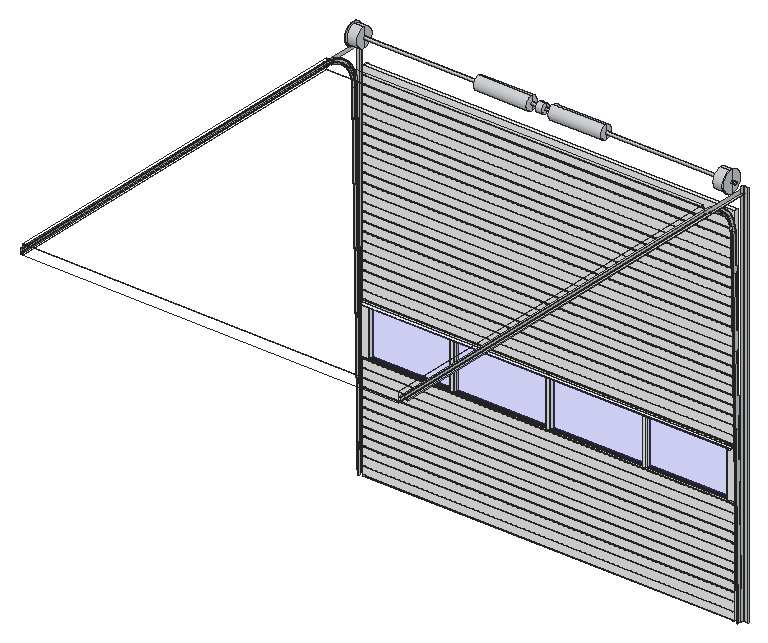
Revit family
Parameters (values of type "By Type")
  Windload = "Doors available rated for various design pressures; consult Clopay for avaialbility and specifications"
  VisSection6 = NumSections = 6  # no
  VisSection5 = NumSections > 4  # yes
  VisSection4 = NumSections > 3  # yes
  VisSection3 = NumSections > 2  # yes
  VisArray = NumSections > 6  # yes
  URL = "www.clopaydoor.com"
  Track Type = Track - Standard Lift : 15" Radius
  Track = "Galvanized steel (gauge varies according to door size)"
  Thickness = 0' - 2"  # constant formula
  Spec Wizard = "http://www.arcat.com/specwizard/08360clo/index.htm"
  Section Height = Height / NumSections  # 2' - 0"
  Section 5 Glazing = Section : Solid
  Section 4 Glazing = Section : Solid
  Section 3 Glazing = Full Vision Section : Intermediate
  Sales Information = "http://www.clopaydoor.com/where-to-buy.aspx?type=dealer"
  Rough Width = 0' - 0"  # constant formula
  Rough Height = 0' - 0"  # constant formula
  Roof Pitch = 0
  R-Value = "12.9"
  Product Features and Benefits = "http://www.clopaydoor.com/insulated-polyurethane-applications.aspx"
  Overlapping Jamb = yes
  Overlap = if(Overlapping Jamb, 0' 1", 0' 0")  # 0' - 1"
  Opening Width = 14' - 0"
  Opening Height = 14' - 0"
  Opener - Jackshaft Right Side = no
  Opener - Trolley = no
  Opener - Jackshaft Left Side = no
  Omniclass Table = "23-30 10 17 37 "
  NumSectionsNotRounded = Height / 2' 0"  # 7
  NumSections = NumSectionsNotRounded + 0.4999  # 7
  NumArraySections = if(NumSections > 6, NumSections - 5, 2)  # 2
  Model = "3715"
  Maximum Size = "Maximum 32' 2'' wide by 26' 0'' high. Additional limitations may apply do to door weight. Consult Clopay for specificiations and shop drawings."  # constant formula
  Manufacturer Website = "http://www.clopaydoor.com"
  Manufacturer Phone Number = "1-800-526-4301"
  Manufacturer Address = "1400 W. Market St., Troy, OH 45373"
  Manufacturer = "Clopay Building Products Company"
  LEED = "http://products.construction.com/swts_content_files/151607/303186.pdf"
  Keynote = "08 36 13"
  Interior Steel = "28 ga. galvanized, primed, and finish painted"
  High Lift = 4' - 0"
  Hardware = "14 ga. min. steel hinges; 10-ball steel rollers"
  GreenFormat = "http://www.greenformat.com/products/1536-Polyurethane%20Insulated%20Doors.rtf"
  Function = (empty or 0)
  Height = Opening Height + Rough Width * 0  # 14' - 0"
  Wall Closure = (empty or 0)
  Width = Opening Width + Rough Width * 0  # 14' - 0"
  FloorToSection7 = 6 * Section Height  # 12' - 0"
  FloorToSection6 = 5 * Section Height  # 10' - 0"
  FloorToSection5 = 4 * Section Height  # 8' - 0"
  FloorToSection4 = 3 * Section Height  # 6' - 0"
  FloorToSection3 = 2 * Section Height  # 4' - 0"
  FloorToSection2 = Section Height  # 2' - 0"
  File Revision = "02 (August, 2012)"
  Exterior Steel = "27 ga. galvanized, primed, and finish painted"
  Double Torsion Shaft = no
  Double End Stiles = Door Width > 14' 2"  # no
  Door Width = Opening Width + Overlap * 2  # 14' - 2"
  Door Height = Opening Height + Rough Width * 0  # 14' - 0"
  Description = "1-3/8'' thick polyurethane insulated, stucco embossed 27 gauge steel exterior with light ribbed pattern."
  Core Material = "Expanded polyurethane"
  Copyright = "2010, Clopay Building Products Company, Inc."
  Color = White
  CAD and Specifications = "http://www.clopaydoor.com/insulated-polyurethane-specs.aspx"
  Assembly Code = "B2030410"
Reference planes (in)
  plane 1 "Center (Front/Back)": y = 0
  plane 2 "Center (Left/Right)": x = 0
  plane 3 "Left": x = -84
  plane 4 "Right": x = 84
  plane 5 "Top": z = 168
  plane 6 "Exterior": y = 3
  plane 7 "Interior": y = -3
  plane 8: z = 120
  plane 9: z = 144
Lines and regions (in)
  Opening 1
    outline origin (-90, -3, 0) x (1, 0, 0) y (0, 0, 1)
      loop
        line (6, 0) -> (174, 0) -> (174, 168) -> (6, 168) -> (6, 0)
Text (in)
  text "Exterior" at (-74.96733, 27.31104, 0), in view "Ref. Level"
  text "Interior" at (-74.96733, -25.14366, 0), in view "Ref. Level"
  text "Exterior" at (0, 40.15149, 123.01588), in view "Right"
  text "Interior" at (0, -64.39139, 123.01588), in view "Right"
  text "Interior" at (0, -31.01599, 123.00693), in view "Left"
  text "Exterior" at (0, 54.57065, 123.00693), in view "Left"
Dimensions and locks (in)
  equal spacing: plane 3 "Left", plane 2 "Center (Left/Right)", plane 4 "Right"
  "Height": level to plane 5 "Top"
  "Width": plane 3 "Left" to plane 4 "Right"
  host wall to plane 5 "Top" = 14' - 0"
  nested 1 to plane 7 "Interior" = 0' - 0 1/2"
  "FloorToSection6": plane 8 to level
  "FloorToSection7": plane 9 to level
  group 1 to group 2 = 0' - 0"  (x2)
  group 1 to group 2 = 2' - 0"
  host wall to host wall = 67' - 6"
  aligned and locked: plane 3 "Left" to Opening 1 sketch curve
  aligned and locked: plane 5 "Top" to Opening 1 sketch curve
  aligned and locked: Opening 1 sketch curve to plane 5 "Top"
  aligned and locked: Opening 1 sketch curve to plane 4 "Right"
  aligned and locked: Opening 1 sketch curve to level
  aligned and locked: plane 6 "Exterior" to host wall
  aligned and locked: host wall to plane 7 "Interior"
  aligned and locked: plane 2 "Center (Left/Right)" to nested 2
  aligned and locked: plane 2 "Center (Left/Right)" to nested 3
  aligned and locked: plane 2 "Center (Left/Right)" to nested 4
  aligned and locked: plane 2 "Center (Left/Right)" to nested 5
  aligned and locked: plane 2 "Center (Left/Right)" to nested 7
  aligned and locked: nested 7 to plane 8
  aligned and locked: nested 8 to plane 9
  aligned and locked: plane 7 "Interior" to nested 2
  aligned and locked: plane 7 "Interior" to nested 7
  aligned and locked: host wall to nested 8
  aligned and locked: plane 7 "Interior" to nested 3
  aligned and locked: host wall to nested 3
  aligned and locked: plane 7 "Interior" to nested 1
  aligned and locked: nested 2 to host wall
  aligned and locked: plane 7 "Interior" to nested 6
  aligned and locked: plane 7 "Interior" to nested 5
  aligned and locked: host wall to nested 7
  aligned and locked: plane 7 "Interior" to nested 4
  aligned and locked: nested 11 to plane 2 "Center (Left/Right)"
Nested families (in)
  nested 1: "Section" at (0, 0, 0), type "Solid"
    with X9 0' - 7 1/2", X8 0' - 7 1/2", X7 0' - 7 1/2", X6 0' - 7 1/2", X5 0' - 7 1/2", X4 11' - 7 1/2", X3 7' - 11 1/2", X2 4' - 3 1/2", NumWindows 4, NumArrayedWindows 4, Half Door Width Neg -7' - 1", Half Door Width 7' - 1", X1 0' - 7 1/2", Door Width 14' - 2"
  nested 2: "Section" at (0, 0, 24), built-in parameter 1001364 <- "Section Height", type "Solid"
    with X9 0' - 7 1/2", X8 0' - 7 1/2", X7 0' - 7 1/2", X6 0' - 7 1/2", X5 0' - 7 1/2", X4 11' - 7 1/2", X3 7' - 11 1/2", X2 4' - 3 1/2", NumWindows 4, NumArrayedWindows 4, Half Door Width Neg -7' - 1", Half Door Width 7' - 1", X1 0' - 7 1/2", Door Width 14' - 2"
  nested 3: "Full Vision Section" at (0, 0, 48), type <- "Section 3 Glazing", built-in parameter 1001364 <- "FloorToSection3", visible <- "VisSection3", type "Intermediate"
    with SingleStileVis no, Rail Width 14' - 1 13/16", NumIntStiles 3, Half Rail Width 7' - 0 29/32", Half Door Width 7' - 1", Glass Width 14' - 0 13/16", Edge to 1st Int Stile 3' - 5", Door Width 14' - 2", ArrayStileVis yes, ArrayIntStiles 3
  nested 4: "Section" at (0, 0, 120), built-in parameter 1001364 <- "FloorToSection6", visible <- "VisSection6", type "Solid"
    with X9 0' - 7 1/2", X8 0' - 7 1/2", X7 0' - 7 1/2", X6 0' - 7 1/2", X5 0' - 7 1/2", X4 11' - 7 1/2", X3 7' - 11 1/2", X2 4' - 3 1/2", NumWindows 4, NumArrayedWindows 4, Half Door Width Neg -7' - 1", Half Door Width 7' - 1", X1 0' - 7 1/2", Door Width 14' - 2"
  nested 5: "Section" at (0, 0, 96), built-in parameter 1001364 <- "FloorToSection5", type <- "Section 5 Glazing", visible <- "VisSection5", type "Solid"
    with X9 0' - 7 1/2", X8 0' - 7 1/2", X7 0' - 7 1/2", X6 0' - 7 1/2", X5 0' - 7 1/2", X4 11' - 7 1/2", X3 7' - 11 1/2", X2 4' - 3 1/2", NumWindows 4, NumArrayedWindows 4, Half Door Width Neg -7' - 1", Half Door Width 7' - 1", X1 0' - 7 1/2", Door Width 14' - 2"
  nested 6: "Section" at (0, 0, 72), type <- "Section 4 Glazing", built-in parameter 1001364 <- "FloorToSection4", visible <- "VisSection4", type "Solid"
    with X9 0' - 7 1/2", X8 0' - 7 1/2", X7 0' - 7 1/2", X6 0' - 7 1/2", X5 0' - 7 1/2", X4 11' - 7 1/2", X3 7' - 11 1/2", X2 4' - 3 1/2", NumWindows 4, NumArrayedWindows 4, Half Door Width Neg -7' - 1", Half Door Width 7' - 1", X1 0' - 7 1/2", Door Width 14' - 2"
  nested 7: "Section" at (0, 0, 120), visible <- "VisArray", type "Solid"
    with X9 0' - 7 1/2", X8 0' - 7 1/2", X7 0' - 7 1/2", X6 0' - 7 1/2", X5 0' - 7 1/2", X4 11' - 7 1/2", X3 7' - 11 1/2", X2 4' - 3 1/2", NumWindows 4, NumArrayedWindows 4, Half Door Width Neg -7' - 1", Half Door Width 7' - 1", X1 0' - 7 1/2", Door Width 14' - 2"
  nested 8: "Section" at (0, 0, 144), visible <- "VisArray", type "Solid"
    with X9 0' - 7 1/2", X8 0' - 7 1/2", X7 0' - 7 1/2", X6 0' - 7 1/2", X5 0' - 7 1/2", X4 11' - 7 1/2", X3 7' - 11 1/2", X2 4' - 3 1/2", NumWindows 4, NumArrayedWindows 4, Half Door Width Neg -7' - 1", Half Door Width 7' - 1", X1 0' - 7 1/2", Door Width 14' - 2"
  nested 9: "Section" at (0, 4.67704, 636.93806), type "Windows - 24x8", not visible
    with X9 0' - 7 1/2", X8 0' - 7 1/2", X7 0' - 7 1/2", X6 0' - 7 1/2", X5 0' - 7 1/2", X4 11' - 7 1/2", X3 7' - 11 1/2", X2 4' - 3 1/2", NumWindows 4, NumArrayedWindows 4, Half Door Width Neg -7' - 1", Half Door Width 7' - 1", X1 0' - 7 1/2", Door Width 14' - 2"
  nested 10: "Section" at (0, 4.63986, 609.3176), type "Windows - 24x12", not visible
    with X9 0' - 7 1/2", X8 0' - 7 1/2", X7 0' - 7 1/2", X6 0' - 7 1/2", X5 0' - 7 1/2", X4 11' - 7 1/2", X3 7' - 11 1/2", X2 4' - 3 1/2", WindowSpacing 3' - 8", NumWindows 4, NumArrayedWindows 4, Half Door Width Neg -7' - 1", Half Door Width 7' - 1", X1 0' - 7 1/2", Door Width 14' - 2"
  nested 11: "Track - Standard Lift" at (0, 0, 0) x (-1, 0, 0) z (0, 0, 1), type <- "Track Type", type "15" Radius"
    with WallToRadiusCenter 1' - 9.33333", VerticalAngleLength 14' - 10", Vertical Track Length 13' - 4", TrackToTrack 14' - 4", Roof Pitch Deg 0.00°, Roof Pitch 0, HorizontalAngleLength -16' - 2.33333", Horizontal Track Length 14' - 6", FloorToTrolleyRail 15' - 8", FloorToShaftCL 15' - 2", FloorToJackShaft 15' - 5", Double Torsion Shaft no, Door Width 14' - 2", Door Height 14' - 0", CenterToLHTrack 7' - 2", HorizontalTrackAngle 90.00°, CenterToRHTrack -7' - 2", CenterToJackShaft 7' - 6"
Definition of nested family "Section"
  Parameters (values of type "Windows - 24x12")
    X9 = if(if(NumArrayedWindows < NumWindows, NumArrayedWindows + 1, NumWindows) < 9, X1, X8 + WindowSpacing)  # 0' - 4 1/2"
    X8 = if(if(NumArrayedWindows < NumWindows, NumArrayedWindows + 1, NumWindows) < 8, X1, X7 + WindowSpacing)  # 0' - 4 1/2"
    X7 = if(if(NumArrayedWindows < NumWindows, NumArrayedWindows + 1, NumWindows) < 7, X1, X6 + WindowSpacing)  # 0' - 4 1/2"
    X6 = if(if(NumArrayedWindows < NumWindows, NumArrayedWindows + 1, NumWindows) < 6, X1, X5 + WindowSpacing)  # 0' - 4 1/2"
    X5 = if(if(NumArrayedWindows < NumWindows, NumArrayedWindows + 1, NumWindows) < 5, X1, X4 + WindowSpacing)  # 0' - 4 1/2"
    X4 = if(if(NumArrayedWindows < NumWindows, NumArrayedWindows + 1, NumWindows) < 4, X1, X3 + WindowSpacing)  # 0' - 4 1/2"
    X3 = if(NumWindows < 3, X1, X2 + WindowSpacing)  # 7' - 0 1/2"
    X2 = if(NumWindows < 2, ((Door Width - (NumWindows - 1) * WindowSpacing) / 2 - Cutout Width / 2), ((Door Width - (NumWindows - 1) * WindowSpacing) / 2 - Cutout Width / 2) + WindowSpacing)  # 3' - 8 1/2"
    Windows = 37xx Window Array : 24x12
    WindowVis = yes
    WindowSpacing = if(and(Door Width < 10' 0", Door Width > 9' 2"), 3' 4", 3' 8")  # 3' - 4"
    WindowCutDepth = 0' - 2"
    Section Height = 2' - 0"
    RibSpacing = Section Height / (NumRibs + 1)  # 0' - 4"
    NumWindows = if(Door Width < 9' 4", 2, if(Door Width < 13' 4", 3, if(Door Width < 16' 4", 4, if(Door Width < 20' 4", 5, if(Door Width < 24' 4", 6, if(Door Width < 26' 4", 7, if(Door Width < 31' 8", 8, 10)))))))  # 3
    NumRibs = if(Section Height < 1' 9", 3, if(Section Height < 2' 0", 4, 5))  # 5
    NumArrayedWindows = if(X2 = X1, NumWindows - 2, NumWindows)  # 3
    Half Section Height = Section Height / 2  # 1' - 0"
    Half Door Width Neg = -Half Door Width  # -4' - 8"
    Half Door Width = Door Width / 2  # 4' - 8"
    Half Cutout Height = Cutout Height / 2  # 0' - 5 1/2"
    Function = (empty or 0)
    Height = 0' - 0"
    Wall Closure = (empty or 0)
    Width = 0' - 0"
    X1 = if(or(Door Width > 31' 6", and(Door Width > 26' 2", Door Width < 28' 1"), Door Width = 24' 3", Door Width = 24' 4", and(Door Width > 20' 2", Door Width < 20' 11"), and(Door Width > 16' 2", Door Width < 17' 3")), X2, (Door Width - (NumWindows - 1) * WindowSpacing) / 2 - Cutout Width / 2)  # 0' - 4 1/2"
    Door Width = 9' - 4"
    CutoutToCutout = 1' - 0"
    Cutout Width = 1' - 11"
    Cutout Height = 0' - 11"
    Color = White
    BtmTo1stRib = RibSpacing  # 0' - 4"
    Assembly Code = ""
  Types (3): name | X7 | X6 | X5 | X4 | X3 | X2 | Windows | WindowVis | WindowSpacing | WindowCutDepth | NumWindows | NumArrayedWindows | Half Door Width Neg | Half Door Width | Half Cutout Height | Door Width | Cutout Height
    Windows - 24x12 | 0' - 4 1/2" | 0' - 4 1/2" | 0' - 4 1/2" | 0' - 4 1/2" | 7' - 0 1/2" | 3' - 8 1/2" | 37xx Window Array : 24x12 | yes | 3' - 4" | 0' - 2" | 3 | 3 | -4' - 8" | 4' - 8" | 0' - 5 1/2" | 9' - 4" | 0' - 11"
    Windows - 24x8 | 22' - 4 1/2" | 18' - 8 1/2" | 15' - 0 1/2" | 11' - 4 1/2" | 7' - 8 1/2" | 4' - 0 1/2" | 37xx Window Array : 24x8 | yes | 3' - 8" | 0' - 2" | 7 | 7 | -12' - 4" | 12' - 4" | 0' - 3 1/2" | 24' - 8" | 0' - 7"
    Solid | 22' - 4 1/2" | 18' - 8 1/2" | 15' - 0 1/2" | 11' - 4 1/2" | 7' - 8 1/2" | 4' - 0 1/2" | 37xx Window Array : 24x8 | no | 3' - 8" | -0' - 0 13/128" | 7 | 7 | -12' - 4" | 12' - 4" | 0' - 3 1/2" | 24' - 8" | 0' - 7"
  Reference planes (in)
    plane 1 "Center (Front/Back)": y = 0
    plane 2 "Center (Left/Right)": x = 0
    plane 3 "Exterior": y = 3
    plane 4 "Interior": y = -3
    plane 5: y = -3.5
    plane 6: x = 56
    plane 7: x = -56
    plane 8: z = 4
    plane 9: z = 8
    plane 10: z = 24
    plane 11: z = 12
    plane 12: z = 0
  Forms (in)
    Extrusion 1, solid, material "White" <- "Color"
      sketch origin (-56, -12, 83.08252) x (0, 0, 1) y (0, -1, 0)
        loop
          line (-59.08252, -8.37573) -> (-59.08252, -6.62444)
          arc (-59.08252, -6.62444) -> (-59.11897, -6.53645) -> (-59.20696, -6.5) r 0.12444
          line (-59.20696, -6.5) -> (-82.95809, -6.5)
          arc (-82.95809, -6.5) -> (-83.04608, -6.53645) -> (-83.08252, -6.62444) r 0.12444
          line (-83.08252, -6.62444) -> (-83.08252, -8.37573)
          arc (-83.08252, -8.37573) -> (-83.04612, -8.4636) -> (-82.95825, -8.5) r 0.12427
          line (-82.95825, -8.5) -> (-59.20679, -8.5)
          arc (-59.20679, -8.5) -> (-59.11892, -8.4636) -> (-59.08252, -8.37573) r 0.12427
      from 0 to 112 <- "Door Width"
    Extrusion 2, void
      sketch origin (0, 0, -0.5) x (0, -1, 0) y (0, 0, 1)
        loop
          line (3.5, 4.62727) -> (3.5, 4.37273) -> (3.53032, 4.41942)
          arc (3.53032, 4.41942) -> (3.53753, 4.43506) -> (3.54, 4.4521) r 0.06
          line (3.54, 4.4521) -> (3.54, 4.5479)
          arc (3.54, 4.5479) -> (3.53753, 4.56494) -> (3.53032, 4.58058) r 0.06
          line (3.53032, 4.58058) -> (3.5, 4.62727)
      from -56 <- "Half Door Width Neg" to 112 <- "Door Width"
    Extrusion 3, void
      sketch origin (0, 0, 3.5) x (0, -1, 0) y (0, 0, 1)
        loop
          line (3.5, 4.62727) -> (3.5, 4.37273) -> (3.53032, 4.41942)
          arc (3.53032, 4.41942) -> (3.53753, 4.43506) -> (3.54, 4.4521) r 0.06
          line (3.54, 4.4521) -> (3.54, 4.5479)
          arc (3.54, 4.5479) -> (3.53753, 4.56494) -> (3.53032, 4.58058) r 0.06
          line (3.53032, 4.58058) -> (3.5, 4.62727)
      from -56 <- "Half Door Width Neg" to 112 <- "Door Width"
    Extrusion 4, void
      sketch origin (0, 0, 7.5) x (0, -1, 0) y (0, 0, 1)
        loop
          line (3.5, 4.62727) -> (3.5, 4.37273) -> (3.53032, 4.41942)
          arc (3.53032, 4.41942) -> (3.53753, 4.43506) -> (3.54, 4.4521) r 0.06
          line (3.54, 4.4521) -> (3.54, 4.5479)
          arc (3.54, 4.5479) -> (3.53753, 4.56494) -> (3.53032, 4.58058) r 0.06
          line (3.53032, 4.58058) -> (3.5, 4.62727)
      from -56 <- "Half Door Width Neg" to 112 <- "Door Width"
    Extrusion 5, void
      sketch origin (0, -8.99984, -0.5) x (0, 1, 0) y (0, 0, -1)
        loop
          line (3.5, -4.62727) -> (3.53032, -4.58058)
          arc (3.53032, -4.58058) -> (3.53753, -4.56494) -> (3.54, -4.5479) r 0.06
          line (3.54, -4.5479) -> (3.54, -4.4521)
          arc (3.54, -4.4521) -> (3.53753, -4.43506) -> (3.53032, -4.41942) r 0.06
          line (3.53032, -4.41942) -> (3.5, -4.37273) -> (3.5, -4.62727)
      from -56 <- "Half Door Width Neg" to 112 <- "Door Width"
    Extrusion 6, void
      sketch origin (0, -8.99984, 3.5) x (0, 1, 0) y (0, 0, -1)
        loop
          line (3.5, -4.62727) -> (3.53032, -4.58058)
          arc (3.53032, -4.58058) -> (3.53753, -4.56494) -> (3.54, -4.5479) r 0.06
          line (3.54, -4.5479) -> (3.54, -4.4521)
          arc (3.54, -4.4521) -> (3.53753, -4.43506) -> (3.53032, -4.41942) r 0.06
          line (3.53032, -4.41942) -> (3.5, -4.37273) -> (3.5, -4.62727)
      from -56 <- "Half Door Width Neg" to 112 <- "Door Width"
    Extrusion 7, void
      sketch origin (0, -8.99984, 7.5) x (0, 1, 0) y (0, 0, -1)
        loop
          line (3.5, -4.62727) -> (3.53032, -4.58058)
          arc (3.53032, -4.58058) -> (3.53753, -4.56494) -> (3.54, -4.5479) r 0.06
          line (3.54, -4.5479) -> (3.54, -4.4521)
          arc (3.54, -4.4521) -> (3.53753, -4.43506) -> (3.53032, -4.41942) r 0.06
          line (3.53032, -4.41942) -> (3.5, -4.37273) -> (3.5, -4.62727)
      from -56 <- "Half Door Width Neg" to 112 <- "Door Width"
    Extrusion 8, void
      sketch origin (-98.15385, -3.5, 48) x (1, 0, 0) y (0, 0, 1)
        loop
          line (149.65385, -30.5) -> (126.65385, -30.5) -> (126.65385, -36) -> (149.65385, -36) -> (149.65385, -30.5)
      from 0 to 2 <- "WindowCutDepth"
    Extrusion 9, void
      sketch origin (-98.15385, -3.5, -24) x (1, 0, 0) y (0, 0, 1)
        loop
          line (149.65385, 30.5) -> (149.65385, 36) -> (126.65385, 36) -> (126.65385, 30.5) -> (149.65385, 30.5)
      from 0 to 2 <- "WindowCutDepth"
    Extrusion 10, void
      sketch origin (-136.15385, -3.5, 48) x (1, 0, 0) y (0, 0, 1)
        loop
          line (147.65385, -30.5) -> (124.65385, -30.5) -> (124.65385, -36) -> (147.65385, -36) -> (147.65385, -30.5)
      from 0 to 2 <- "WindowCutDepth"
    Extrusion 11, void
      sketch origin (-136.15385, -3.5, -24) x (1, 0, 0) y (0, 0, 1)
        loop
          line (147.65385, 30.5) -> (147.65385, 36) -> (124.65385, 36) -> (124.65385, 30.5) -> (147.65385, 30.5)
      from 0 to 2 <- "WindowCutDepth"
    Extrusion 12, void
      sketch origin (-171.15385, -3.5, 48) x (1, 0, 0) y (0, 0, 1)
        loop
          line (142.65385, -30.5) -> (119.65385, -30.5) -> (119.65385, -36) -> (142.65385, -36) -> (142.65385, -30.5)
      from 0 to 2 <- "WindowCutDepth"
    Extrusion 13, void
      sketch origin (-171.15385, -3.5, -24) x (1, 0, 0) y (0, 0, 1)
        loop
          line (142.65385, 30.5) -> (142.65385, 36) -> (119.65385, 36) -> (119.65385, 30.5) -> (142.65385, 30.5)
      from 0 to 2 <- "WindowCutDepth"
    Extrusion 14, void
      sketch origin (-214.15385, -3.5, 48) x (1, 0, 0) y (0, 0, 1)
        loop
          line (265.65385, -30.5) -> (242.65385, -30.5) -> (242.65385, -36) -> (265.65385, -36) -> (265.65385, -30.5)
      from 0 to 2 <- "WindowCutDepth"
    Extrusion 15, void
      sketch origin (-214.15385, -3.5, -24) x (1, 0, 0) y (0, 0, 1)
        loop
          line (265.65385, 30.5) -> (265.65385, 36) -> (242.65385, 36) -> (242.65385, 30.5) -> (265.65385, 30.5)
      from 0 to 2 <- "WindowCutDepth"
    Extrusion 16, void
      sketch origin (-256.15385, -3.5, 48) x (1, 0, 0) y (0, 0, 1)
        loop
          line (307.65385, -30.5) -> (284.65385, -30.5) -> (284.65385, -36) -> (307.65385, -36) -> (307.65385, -30.5)
      from 0 to 2 <- "WindowCutDepth"
    Extrusion 17, void
      sketch origin (-256.15385, -3.5, -24) x (1, 0, 0) y (0, 0, 1)
        loop
          line (307.65385, 30.5) -> (307.65385, 36) -> (284.65385, 36) -> (284.65385, 30.5) -> (307.65385, 30.5)
      from 0 to 2 <- "WindowCutDepth"
    Extrusion 18, void
      sketch origin (-294.15385, -3.5, 48) x (1, 0, 0) y (0, 0, 1)
        loop
          line (345.65385, -30.5) -> (322.65385, -30.5) -> (322.65385, -36) -> (345.65385, -36) -> (345.65385, -30.5)
      from 0 to 2 <- "WindowCutDepth"
    Extrusion 19, void
      sketch origin (-294.15385, -3.5, -24) x (1, 0, 0) y (0, 0, 1)
        loop
          line (345.65385, 30.5) -> (345.65385, 36) -> (322.65385, 36) -> (322.65385, 30.5) -> (345.65385, 30.5)
      from 0 to 2 <- "WindowCutDepth"
    Extrusion 20, void
      sketch origin (-331.15385, -3.5, 48) x (1, 0, 0) y (0, 0, 1)
        loop
          line (382.65385, -30.5) -> (359.65385, -30.5) -> (359.65385, -36) -> (382.65385, -36) -> (382.65385, -30.5)
      from 0 to 2 <- "WindowCutDepth"
    Extrusion 21, void
      sketch origin (-331.15385, -3.5, -24) x (1, 0, 0) y (0, 0, 1)
        loop
          line (382.65385, 30.5) -> (382.65385, 36) -> (359.65385, 36) -> (359.65385, 30.5) -> (382.65385, 30.5)
      from 0 to 2 <- "WindowCutDepth"
    Extrusion 22, void
      sketch origin (-368.15385, -3.5, 48) x (1, 0, 0) y (0, 0, 1)
        loop
          line (419.65385, -30.5) -> (396.65385, -30.5) -> (396.65385, -36) -> (419.65385, -36) -> (419.65385, -30.5)
      from 0 to 2 <- "WindowCutDepth"
    Extrusion 23, void
      sketch origin (-368.15385, -3.5, -24) x (1, 0, 0) y (0, 0, 1)
        loop
          line (419.65385, 30.5) -> (419.65385, 36) -> (396.65385, 36) -> (396.65385, 30.5) -> (419.65385, 30.5)
      from 0 to 2 <- "WindowCutDepth"
    Extrusion 24, void
      sketch origin (-407.15385, -3.5, 48) x (1, 0, 0) y (0, 0, 1)
        loop
          line (458.65385, -30.5) -> (435.65385, -30.5) -> (435.65385, -36) -> (458.65385, -36) -> (458.65385, -30.5)
      from 0 to 2 <- "WindowCutDepth"
    Extrusion 25, void
      sketch origin (-407.15385, -3.5, -24) x (1, 0, 0) y (0, 0, 1)
        loop
          line (458.65385, 30.5) -> (458.65385, 36) -> (435.65385, 36) -> (435.65385, 30.5) -> (458.65385, 30.5)
      from 0 to 2 <- "WindowCutDepth"
    Extrusion 26, void
      sketch origin (0, 0, 11.5) x (0, -1, 0) y (0, 0, 1)
        loop
          line (3.5, 4.62727) -> (3.5, 4.37273) -> (3.53032, 4.41942)
          arc (3.53032, 4.41942) -> (3.53753, 4.43506) -> (3.54, 4.4521) r 0.06
          line (3.54, 4.4521) -> (3.54, 4.5479)
          arc (3.54, 4.5479) -> (3.53753, 4.56494) -> (3.53032, 4.58058) r 0.06
          line (3.53032, 4.58058) -> (3.5, 4.62727)
      from -56 <- "Half Door Width Neg" to 112 <- "Door Width"
    Extrusion 27, void
      sketch origin (0, -8.99984, 11.5) x (0, 1, 0) y (0, 0, -1)
        loop
          line (3.5, -4.62727) -> (3.53032, -4.58058)
          arc (3.53032, -4.58058) -> (3.53753, -4.56494) -> (3.54, -4.5479) r 0.06
          line (3.54, -4.5479) -> (3.54, -4.4521)
          arc (3.54, -4.4521) -> (3.53753, -4.43506) -> (3.53032, -4.41942) r 0.06
          line (3.53032, -4.41942) -> (3.5, -4.37273) -> (3.5, -4.62727)
      from -56 <- "Half Door Width Neg" to 112 <- "Door Width"
    Extrusion 28, void
      sketch origin (0, 0, 15.5) x (0, -1, 0) y (0, 0, 1)
        loop
          line (3.5, 4.62727) -> (3.5, 4.37273) -> (3.53032, 4.41942)
          arc (3.53032, 4.41942) -> (3.53753, 4.43506) -> (3.54, 4.4521) r 0.06
          line (3.54, 4.4521) -> (3.54, 4.5479)
          arc (3.54, 4.5479) -> (3.53753, 4.56494) -> (3.53032, 4.58058) r 0.06
          line (3.53032, 4.58058) -> (3.5, 4.62727)
      from -56 <- "Half Door Width Neg" to 112 <- "Door Width"
    Extrusion 29, void
      sketch origin (0, -8.99984, 15.5) x (0, 1, 0) y (0, 0, -1)
        loop
          line (3.5, -4.62727) -> (3.53032, -4.58058)
          arc (3.53032, -4.58058) -> (3.53753, -4.56494) -> (3.54, -4.5479) r 0.06
          line (3.54, -4.5479) -> (3.54, -4.4521)
          arc (3.54, -4.4521) -> (3.53753, -4.43506) -> (3.53032, -4.41942) r 0.06
          line (3.53032, -4.41942) -> (3.5, -4.37273) -> (3.5, -4.62727)
      from -56 <- "Half Door Width Neg" to 112 <- "Door Width"
  Cuts and joins
    Extrusion 2, Extrusion 3, Extrusion 4, Extrusion 5, Extrusion 6, Extrusion 7, Extrusion 8, Extrusion 9, Extrusion 10, Extrusion 11, Extrusion 12, Extrusion 13, Extrusion 14, Extrusion 15, Extrusion 16, Extrusion 17, Extrusion 18, Extrusion 19, Extrusion 20, Extrusion 21, Extrusion 22, Extrusion 23, Extrusion 24, Extrusion 25, Extrusion 26, Extrusion 27, Extrusion 28, Extrusion 29 cuts Extrusion 1
  Lines and regions (in)
    reference lines
      curve 1: line (-72, -3.54, 4) -> (-72, -3.5, 4)
      curve 2: line (-72, -5.45984, 4) -> (-72, -5.49984, 4)
      curve 3: line (-72, -3.54, 8) -> (-72, -3.5, 8)
      curve 4: line (-72, -3.54, 12) -> (-72, -3.5, 12)
      curve 5: line (-72, -5.45984, 4) -> (-72, -5.49984, 4)
      curve 6: line (-72, -5.45984, 8) -> (-72, -5.49984, 8)
      curve 7: line (-72, -5.45984, 12) -> (-72, -5.49984, 12)
      curve 8: line (-72, -3.54, 16) -> (-72, -3.5, 16)
      curve 9: line (-72, -5.45984, 16) -> (-72, -5.49984, 16)
      curve 10: line (-72, -3.54, 20) -> (-72, -3.5, 20)
      curve 11: line (-72, -5.45984, 20) -> (-72, -5.49984, 20)
  Text (in)
    text "Exterior" at (-74.96733, 27.31104, 0), in view "Ref. Level"
    text "Interior" at (-74.96733, -25.14366, 0), in view "Ref. Level"
    text "Exterior" at (0, 40.15149, 123.01588), in view "Right"
    text "Interior" at (0, -64.39139, 123.01588), in view "Right"
    text "Interior" at (0, -31.01599, 123.00693), in view "Left"
    text "Exterior" at (0, 54.57065, 123.00693), in view "Left"
  Dimensions and locks (in)
    plane 4 "Interior" to plane 5 = 0' - 0 1/2"
    "Half Door Width": plane 2 "Center (Left/Right)" to plane 7
    "Half Door Width": plane 6 to plane 2 "Center (Left/Right)"
    Extrusion 1 sketch curve to Extrusion 1 sketch curve = 0' - 2"
    Extrusion 2 sketch curve to Extrusion 2 sketch curve = 0' - 0.25454"
    Extrusion 2 sketch curve to Extrusion 2 sketch curve = 0' - 0.04"  (x2)
    "BtmTo1stRib": plane 8 to level
    curve 1 to Extrusion 2 sketch curve = 0' - 0.12727"
    "RibSpacing": plane 9 to plane 8
    "Section Height": plane 10 to level
    Extrusion 3 sketch curve to Extrusion 3 sketch curve = 0' - 0.25454"
    Extrusion 3 sketch curve to Extrusion 3 sketch curve = 0' - 0.04"  (x2)
    curve 3 to Extrusion 3 sketch curve = 0' - 0.12727"
    equal spacing: group 1, group 2, group 3, group 4, group 5  (x3)
    Extrusion 4 sketch curve to Extrusion 4 sketch curve = 0' - 0.25454"
    Extrusion 4 sketch curve to Extrusion 4 sketch curve = 0' - 0.04"  (x2)
    curve 4 to Extrusion 4 sketch curve = 0' - 0.12727"
    Extrusion 5 sketch curve to Extrusion 5 sketch curve = 0' - 0.25454"
    Extrusion 5 sketch curve to Extrusion 5 sketch curve = 0' - 0.04"  (x2)
    Extrusion 5 sketch curve to curve 5 = 0' - 0.12727"
    Extrusion 6 sketch curve to Extrusion 6 sketch curve = 0' - 0.25454"
    Extrusion 6 sketch curve to Extrusion 6 sketch curve = 0' - 0.04"  (x2)
    Extrusion 6 sketch curve to curve 6 = 0' - 0.12727"
    Extrusion 7 sketch curve to Extrusion 7 sketch curve = 0' - 0.25454"
    Extrusion 7 sketch curve to Extrusion 7 sketch curve = 0' - 0.04"  (x2)
    Extrusion 7 sketch curve to curve 7 = 0' - 0.12727"
    "Half Section Height": level to plane 11
    "Cutout Width": Extrusion 8 sketch curve to Extrusion 8 sketch curve
    "Half Cutout Height": Extrusion 8 sketch curve to Extrusion 8 sketch curve
    "Cutout Width": Extrusion 9 sketch curve to Extrusion 9 sketch curve
    "Half Cutout Height": Extrusion 9 sketch curve to Extrusion 9 sketch curve
    "X1": cut or joined group 1 (Extrusion 1, Extrusion 2, Extrusion 3, Extrusion 4, Extrusion 5, Extrusion 6, Extrusion 7, Extrusion 8, Extrusion 9, Extrusion 10, Extrusion 11, Extrusion 12, Extrusion 13, Extrusion 14, Extrusion 15, Extrusion 16, Extrusion 17, Extrusion 18, Extrusion 19, Extrusion 20, Extrusion 21, Extrusion 22, Extrusion 23, Extrusion 24, Extrusion 25, Extrusion 26, Extrusion 27, Extrusion 28, Extrusion 29) to cut or joined group 1
    "Cutout Width": Extrusion 10 sketch curve to Extrusion 10 sketch curve
    "Half Cutout Height": Extrusion 10 sketch curve to Extrusion 10 sketch curve
    "Cutout Width": Extrusion 11 sketch curve to Extrusion 11 sketch curve
    "Half Cutout Height": Extrusion 11 sketch curve to Extrusion 11 sketch curve
    "Cutout Width": Extrusion 12 sketch curve to Extrusion 12 sketch curve
    "Half Cutout Height": Extrusion 12 sketch curve to Extrusion 12 sketch curve
    "Cutout Width": Extrusion 13 sketch curve to Extrusion 13 sketch curve
    "Half Cutout Height": Extrusion 13 sketch curve to Extrusion 13 sketch curve
    "X2": plane 6 to cut or joined group 1
    "X3": plane 6 to cut or joined group 1
    "Cutout Width": Extrusion 14 sketch curve to Extrusion 14 sketch curve
    "Half Cutout Height": Extrusion 14 sketch curve to Extrusion 14 sketch curve
    "Cutout Width": Extrusion 15 sketch curve to Extrusion 15 sketch curve
    "Half Cutout Height": Extrusion 15 sketch curve to Extrusion 15 sketch curve
    "Cutout Width": Extrusion 16 sketch curve to Extrusion 16 sketch curve
    "Half Cutout Height": Extrusion 16 sketch curve to Extrusion 16 sketch curve
    "Cutout Width": Extrusion 17 sketch curve to Extrusion 17 sketch curve
    "Half Cutout Height": Extrusion 17 sketch curve to Extrusion 17 sketch curve
    "Cutout Width": Extrusion 18 sketch curve to Extrusion 18 sketch curve
    "Half Cutout Height": Extrusion 18 sketch curve to Extrusion 18 sketch curve
    "Cutout Width": Extrusion 19 sketch curve to Extrusion 19 sketch curve
    "Half Cutout Height": Extrusion 19 sketch curve to Extrusion 19 sketch curve
    "Cutout Width": Extrusion 20 sketch curve to Extrusion 20 sketch curve
    "Half Cutout Height": Extrusion 20 sketch curve to Extrusion 20 sketch curve
    "Cutout Width": Extrusion 21 sketch curve to Extrusion 21 sketch curve
    "Half Cutout Height": Extrusion 21 sketch curve to Extrusion 21 sketch curve
    "Cutout Width": Extrusion 22 sketch curve to Extrusion 22 sketch curve
    "Half Cutout Height": Extrusion 22 sketch curve to Extrusion 22 sketch curve
    "Cutout Width": Extrusion 23 sketch curve to Extrusion 23 sketch curve
    "Half Cutout Height": Extrusion 23 sketch curve to Extrusion 23 sketch curve
    "Cutout Width": Extrusion 24 sketch curve to Extrusion 24 sketch curve
    "Half Cutout Height": Extrusion 24 sketch curve to Extrusion 24 sketch curve
    "Cutout Width": Extrusion 25 sketch curve to Extrusion 25 sketch curve
    "Half Cutout Height": Extrusion 25 sketch curve to Extrusion 25 sketch curve
    "X4": plane 6 to cut or joined group 1
    "X5": plane 6 to cut or joined group 1
    "X6": plane 6 to cut or joined group 1
    "X7": plane 6 to cut or joined group 1
    "X8": plane 6 to cut or joined group 1
    "X9": plane 6 to cut or joined group 1
    locked: nested 1 to cut or joined group 1 at 1  (x2)
    locked: nested 1 to cut or joined group 1 at 0.125
    Extrusion 26 sketch curve to Extrusion 26 sketch curve = 0' - 0.25454"
    Extrusion 26 sketch curve to Extrusion 26 sketch curve = 0' - 0.04"  (x2)
    curve 8 to Extrusion 26 sketch curve = 0' - 0.12727"
    Extrusion 27 sketch curve to Extrusion 27 sketch curve = 0' - 0.25454"
    Extrusion 27 sketch curve to Extrusion 27 sketch curve = 0' - 0.04"  (x2)
    Extrusion 27 sketch curve to curve 9 = 0' - 0.12727"
    Extrusion 28 sketch curve to Extrusion 28 sketch curve = 0' - 0.25454"
    Extrusion 28 sketch curve to Extrusion 28 sketch curve = 0' - 0.04"  (x2)
    curve 10 to Extrusion 28 sketch curve = 0' - 0.12727"
    Extrusion 29 sketch curve to Extrusion 29 sketch curve = 0' - 0.25454"
    Extrusion 29 sketch curve to Extrusion 29 sketch curve = 0' - 0.04"  (x2)
    Extrusion 29 sketch curve to curve 11 = 0' - 0.12727"
    locked: plane 4 "Interior" to cut or joined group 1 at 0.5
    radius of Extrusion 1 sketch curve = 0' - 0.12427"  (x2)
    radius of Extrusion 1 sketch curve = 0' - 0.12444"  (x2)
    angle Extrusion 2 sketch curve to Extrusion 2 sketch curve = 147.00°  (x2)
    angle Extrusion 3 sketch curve to Extrusion 3 sketch curve = 147.00°  (x2)
    angle Extrusion 4 sketch curve to Extrusion 4 sketch curve = 147.00°  (x2)
    angle Extrusion 5 sketch curve to Extrusion 5 sketch curve = 147.00°  (x2)
    angle Extrusion 6 sketch curve to Extrusion 6 sketch curve = 147.00°  (x2)
    angle Extrusion 7 sketch curve to Extrusion 7 sketch curve = 147.00°  (x2)
    angle Extrusion 26 sketch curve to Extrusion 26 sketch curve = 147.00°  (x2)
    angle Extrusion 27 sketch curve to Extrusion 27 sketch curve = 147.00°  (x2)
    angle Extrusion 28 sketch curve to Extrusion 28 sketch curve = 147.00°  (x2)
    angle Extrusion 29 sketch curve to Extrusion 29 sketch curve = 147.00°  (x2)
    aligned and locked: Extrusion 1 sketch curve to plane 5
    aligned and locked: plane 8 to curve 1
    aligned and locked: plane 9 to curve 3
    aligned and locked: Extrusion 8 sketch curve to plane 11
    aligned and locked: plane 11 to Extrusion 9 sketch curve
    aligned and locked: cut or joined group 1 to cut or joined group 1  (x9)
    aligned and locked: plane 12 to level
  Automatic sketch dimensions
    curve 2 to curve 1 = 0' - 1.91984"
    curve 1 to curve 1 = 0' - 0.04"  (x2)
    curve 1 to curve 2 = 0' - 1.91984"
    curve 2 to curve 2 = 0' - 0.04"  (x2)
    Extrusion 2 sketch curve to Extrusion 2 sketch curve = 0' - 0"
    Extrusion 2 sketch curve to Extrusion 2 sketch curve = 0' - 0.02"
    Extrusion 2 sketch curve to Extrusion 2 sketch curve = 0' - 0.00968"  (x2)
    curve 5 to curve 1 = 0' - 0"
    curve 1 to curve 5 = 0' - 1.91984"
    curve 5 to curve 5 = 0' - 0.04"
    Extrusion 5 sketch curve to Extrusion 5 sketch curve = 0' - 0"
    Extrusion 5 sketch curve to Extrusion 5 sketch curve = 0' - 0.02"
    Extrusion 5 sketch curve to Extrusion 5 sketch curve = 0' - 0.00968"  (x2)
    Extrusion 3 sketch curve to Extrusion 3 sketch curve = 0' - 0"
    Extrusion 3 sketch curve to Extrusion 3 sketch curve = 0' - 0.02"
    Extrusion 3 sketch curve to Extrusion 3 sketch curve = 0' - 0.00968"  (x2)
    curve 6 to curve 3 = 0' - 0"
    curve 3 to curve 3 = 0' - 0.04"
    curve 3 to curve 6 = 0' - 1.91984"
    curve 6 to curve 6 = 0' - 0.04"
    Extrusion 4 sketch curve to Extrusion 4 sketch curve = 0' - 0"
    Extrusion 4 sketch curve to Extrusion 4 sketch curve = 0' - 0.02"
    Extrusion 4 sketch curve to Extrusion 4 sketch curve = 0' - 0.00968"  (x2)
    curve 7 to curve 4 = 0' - 0"
    curve 4 to curve 4 = 0' - 0.04"
    curve 4 to curve 7 = 0' - 1.91984"
    curve 7 to curve 7 = 0' - 0.04"
    Extrusion 7 sketch curve to Extrusion 7 sketch curve = 0' - 0.00968"
    Extrusion 6 sketch curve to Extrusion 6 sketch curve = 0' - 0.00968"
    curve 2 to plane 8 = 0' - 0"
    curve 2 to plane 5 = 0' - 1.95984"
    Extrusion 8 sketch curve to plane 6 = 2' - 3 1/2"
    Extrusion 9 sketch curve to plane 6 = 2' - 3 1/2"
    Extrusion 10 sketch curve to plane 11 = 0' - 0"
    Extrusion 10 sketch curve to plane 6 = 5' - 7 1/2"
    Extrusion 11 sketch curve to plane 11 = 0' - 0"
    Extrusion 11 sketch curve to plane 6 = 5' - 7 1/2"
    Extrusion 12 sketch curve to plane 11 = 0' - 0"
    Extrusion 12 sketch curve to plane 6 = 8' - 11 1/2"
    Extrusion 13 sketch curve to plane 11 = 0' - 0"
    Extrusion 13 sketch curve to plane 6 = 8' - 11 1/2"
    Extrusion 14 sketch curve to plane 11 = 0' - 0"
    plane 2 "Center (Left/Right)" to Extrusion 14 sketch curve = 2' - 4 1/2"
    Extrusion 15 sketch curve to plane 11 = 0' - 0"
    plane 2 "Center (Left/Right)" to Extrusion 15 sketch curve = 2' - 4 1/2"
    Extrusion 16 sketch curve to plane 11 = 0' - 0"
    plane 2 "Center (Left/Right)" to Extrusion 16 sketch curve = 2' - 4 1/2"
    Extrusion 17 sketch curve to plane 11 = 0' - 0"
    plane 2 "Center (Left/Right)" to Extrusion 17 sketch curve = 2' - 4 1/2"
    Extrusion 18 sketch curve to plane 11 = 0' - 0"
    plane 2 "Center (Left/Right)" to Extrusion 18 sketch curve = 2' - 4 1/2"
    Extrusion 19 sketch curve to plane 11 = 0' - 0"
    plane 2 "Center (Left/Right)" to Extrusion 19 sketch curve = 2' - 4 1/2"
    Extrusion 20 sketch curve to plane 11 = 0' - 0"
    plane 2 "Center (Left/Right)" to Extrusion 20 sketch curve = 2' - 4 1/2"
    Extrusion 21 sketch curve to plane 11 = 0' - 0"
    plane 2 "Center (Left/Right)" to Extrusion 21 sketch curve = 2' - 4 1/2"
    Extrusion 22 sketch curve to plane 11 = 0' - 0"
    plane 7 to Extrusion 22 sketch curve = 7' - 0 1/2"
    Extrusion 23 sketch curve to plane 11 = 0' - 0"
    plane 7 to Extrusion 23 sketch curve = 7' - 0 1/2"
    Extrusion 24 sketch curve to plane 11 = 0' - 0"
    plane 7 to Extrusion 24 sketch curve = 7' - 0 1/2"
    Extrusion 25 sketch curve to plane 11 = 0' - 0"
    plane 7 to Extrusion 25 sketch curve = 7' - 0 1/2"
    Extrusion 1 sketch curve to plane 10 = 0' - 0"
    Extrusion 1 sketch curve to level = 0' - 0"
    Extrusion 26 sketch curve to Extrusion 26 sketch curve = 0' - 0"
    Extrusion 26 sketch curve to Extrusion 26 sketch curve = 0' - 0.02"
    Extrusion 26 sketch curve to Extrusion 26 sketch curve = 0' - 0.00968"  (x2)
    curve 9 to curve 8 = 0' - 0"
    curve 8 to curve 8 = 0' - 0.04"
    curve 8 to curve 9 = 0' - 1.91984"
    curve 9 to curve 9 = 0' - 0.04"
    Extrusion 27 sketch curve to Extrusion 27 sketch curve = 0' - 0"
    Extrusion 27 sketch curve to Extrusion 27 sketch curve = 0' - 0.02"
    Extrusion 27 sketch curve to Extrusion 27 sketch curve = 0' - 0.00968"  (x2)
    Extrusion 28 sketch curve to Extrusion 28 sketch curve = 0' - 0"
    Extrusion 28 sketch curve to Extrusion 28 sketch curve = 0' - 0.02"
    Extrusion 28 sketch curve to Extrusion 28 sketch curve = 0' - 0.00968"  (x2)
    curve 11 to curve 10 = 0' - 0"
    curve 10 to curve 10 = 0' - 0.04"
    curve 10 to curve 11 = 0' - 1.91984"
    curve 11 to curve 11 = 0' - 0.04"
    Extrusion 29 sketch curve to Extrusion 29 sketch curve = 0' - 0"
    Extrusion 29 sketch curve to Extrusion 29 sketch curve = 0' - 0.02"
    Extrusion 29 sketch curve to Extrusion 29 sketch curve = 0' - 0.00968"  (x2)
  Nested families (in)
    nested 1: "37xx Window Array" at (40, -3.375, 7.5) x (-1, 0, 0) z (0, 0, 1), type <- "Windows", visible <- "WindowVis", type "24x12"
      with Window Spacing 3' - 4"
  Definition of nested family "37xx Window Array"
    Parameters (values of type "24x8")
      Window Spacing = 3' - 8"
      NumWindows = 3
      Frame Width = 2' - 1"
      Frame Height = 0' - 9"
      Color = White
      Assembly Code = ""
    Types (2): name | Frame Height | Color
      24x8 | 0' - 9" | White
      24x12 | 1' - 1" | none
    Reference planes (in)
      plane 1 "Center (Front/Back)": y = 0
      plane 2: z = 0
      plane 3 "Center (Left/Right)": x = 0
      plane 4: y = -1
    Forms (in)
      Extrusion 1, solid, material "White" <- "Color"
        sketch origin (-1.38592, 0, 0) x (1, 0, 0) y (0, 0, 1)
          loop
            line (-8.86408, 1.625) -> (11.63592, 1.625)
            arc (11.63592, 1.625) -> (12.07786, 1.80806) -> (12.26092, 2.25) r 0.625
            line (12.26092, 2.25) -> (12.26092, 6.75)
            arc (12.26092, 6.75) -> (12.07786, 7.19194) -> (11.63592, 7.375) r 0.625
            line (11.63592, 7.375) -> (-8.86408, 7.375)
            arc (-8.86408, 7.375) -> (-9.30602, 7.19194) -> (-9.48908, 6.75) r 0.625
            line (-9.48908, 6.75) -> (-9.48908, 2.25)
            arc (-9.48908, 2.25) -> (-9.30602, 1.80806) -> (-8.86408, 1.625) r 0.625
          loop
            line (-10.48908, 0) -> (13.26092, 0)
            arc (13.26092, 0) -> (13.70286, 0.18306) -> (13.88592, 0.625) r 0.625
            line (13.88592, 0.625) -> (13.88592, 8.375)
            arc (13.88592, 8.375) -> (13.70286, 8.81694) -> (13.26092, 9) r 0.625
            line (13.26092, 9) -> (-10.48908, 9)
            arc (-10.48908, 9) -> (-10.93102, 8.81694) -> (-11.11408, 8.375) r 0.625
            line (-11.11408, 8.375) -> (-11.11408, 0.625)
            arc (-11.11408, 0.625) -> (-10.93102, 0.18306) -> (-10.48908, 0) r 0.625
        from 0 to 2.25
      Extrusion 2, solid, material "Glass"
        sketch origin (0, -1, 15.9844) x (0, 0, 1) y (-1, 0, 0)
          loop
            arc (-8.6094, 10.25) -> (-8.79246, 10.69194) -> (-9.2344, 10.875) r 0.625
            line (-9.2344, 10.875) -> (-13.7344, 10.875)
            arc (-13.7344, 10.875) -> (-14.17634, 10.69194) -> (-14.3594, 10.25) r 0.625
            line (-14.3594, 10.25) -> (-14.3594, -10.25)
            arc (-14.3594, -10.25) -> (-14.17634, -10.69194) -> (-13.7344, -10.875) r 0.625
            line (-13.7344, -10.875) -> (-9.2344, -10.875)
            arc (-9.2344, -10.875) -> (-8.79246, -10.69194) -> (-8.6094, -10.25) r 0.625
            line (-8.6094, -10.25) -> (-8.6094, 10.25)
        from 0 to 0.25
      Extrusion 3, solid, material "White" <- "Color"
        sketch origin (42.61408, 0, 0) x (1, 0, 0) y (0, 0, 1)
          loop
            line (-8.86408, 1.625) -> (11.63592, 1.625)
            arc (11.63592, 1.625) -> (12.07786, 1.80806) -> (12.26092, 2.25) r 0.625
            line (12.26092, 2.25) -> (12.26092, 6.75)
            arc (12.26092, 6.75) -> (12.07786, 7.19194) -> (11.63592, 7.375) r 0.625
            line (11.63592, 7.375) -> (-8.86408, 7.375)
            arc (-8.86408, 7.375) -> (-9.30602, 7.19194) -> (-9.48908, 6.75) r 0.625
            line (-9.48908, 6.75) -> (-9.48908, 2.25)
            arc (-9.48908, 2.25) -> (-9.30602, 1.80806) -> (-8.86408, 1.625) r 0.625
          loop
            line (-10.48908, 0) -> (13.26092, 0)
            arc (13.26092, 0) -> (13.70286, 0.18306) -> (13.88592, 0.625) r 0.625
            line (13.88592, 0.625) -> (13.88592, 8.375)
            arc (13.88592, 8.375) -> (13.70286, 8.81694) -> (13.26092, 9) r 0.625
            line (13.26092, 9) -> (-10.48908, 9)
            arc (-10.48908, 9) -> (-10.93102, 8.81694) -> (-11.11408, 8.375) r 0.625
            line (-11.11408, 8.375) -> (-11.11408, 0.625)
            arc (-11.11408, 0.625) -> (-10.93102, 0.18306) -> (-10.48908, 0) r 0.625
        from 0 to 2.25
      Extrusion 4, solid, material "Glass"
        sketch origin (44, -1, 15.9844) x (0, 0, 1) y (-1, 0, 0)
          loop
            arc (-8.6094, 10.25) -> (-8.79246, 10.69194) -> (-9.2344, 10.875) r 0.625
            line (-9.2344, 10.875) -> (-13.7344, 10.875)
            arc (-13.7344, 10.875) -> (-14.17634, 10.69194) -> (-14.3594, 10.25) r 0.625
            line (-14.3594, 10.25) -> (-14.3594, -10.25)
            arc (-14.3594, -10.25) -> (-14.17634, -10.69194) -> (-13.7344, -10.875) r 0.625
            line (-13.7344, -10.875) -> (-9.2344, -10.875)
            arc (-9.2344, -10.875) -> (-8.79246, -10.69194) -> (-8.6094, -10.25) r 0.625
            line (-8.6094, -10.25) -> (-8.6094, 10.25)
        from 0 to 0.25
      Extrusion 5, solid, material "White" <- "Color"
        sketch origin (86.61408, 0, 0) x (1, 0, 0) y (0, 0, 1)
          loop
            line (-8.86408, 1.625) -> (11.63592, 1.625)
            arc (11.63592, 1.625) -> (12.07786, 1.80806) -> (12.26092, 2.25) r 0.625
            line (12.26092, 2.25) -> (12.26092, 6.75)
            arc (12.26092, 6.75) -> (12.07786, 7.19194) -> (11.63592, 7.375) r 0.625
            line (11.63592, 7.375) -> (-8.86408, 7.375)
            arc (-8.86408, 7.375) -> (-9.30602, 7.19194) -> (-9.48908, 6.75) r 0.625
            line (-9.48908, 6.75) -> (-9.48908, 2.25)
            arc (-9.48908, 2.25) -> (-9.30602, 1.80806) -> (-8.86408, 1.625) r 0.625
          loop
            line (-10.48908, 0) -> (13.26092, 0)
            arc (13.26092, 0) -> (13.70286, 0.18306) -> (13.88592, 0.625) r 0.625
            line (13.88592, 0.625) -> (13.88592, 8.375)
            arc (13.88592, 8.375) -> (13.70286, 8.81694) -> (13.26092, 9) r 0.625
            line (13.26092, 9) -> (-10.48908, 9)
            arc (-10.48908, 9) -> (-10.93102, 8.81694) -> (-11.11408, 8.375) r 0.625
            line (-11.11408, 8.375) -> (-11.11408, 0.625)
            arc (-11.11408, 0.625) -> (-10.93102, 0.18306) -> (-10.48908, 0) r 0.625
        from 0 to 2.25
      Extrusion 6, solid, material "Glass"
        sketch origin (88, -1, 15.9844) x (0, 0, 1) y (-1, 0, 0)
          loop
            arc (-8.6094, 10.25) -> (-8.79246, 10.69194) -> (-9.2344, 10.875) r 0.625
            line (-9.2344, 10.875) -> (-13.7344, 10.875)
            arc (-13.7344, 10.875) -> (-14.17634, 10.69194) -> (-14.3594, 10.25) r 0.625
            line (-14.3594, 10.25) -> (-14.3594, -10.25)
            arc (-14.3594, -10.25) -> (-14.17634, -10.69194) -> (-13.7344, -10.875) r 0.625
            line (-13.7344, -10.875) -> (-9.2344, -10.875)
            arc (-9.2344, -10.875) -> (-8.79246, -10.69194) -> (-8.6094, -10.25) r 0.625
            line (-8.6094, -10.25) -> (-8.6094, 10.25)
        from 0 to 0.25
    Dimensions and locks (in)
      locked: Extrusion 1 sketch curve to Extrusion 1 sketch curve at 1.625  (x4)
      "Frame Height": Extrusion 1 sketch curve to Extrusion 1 sketch curve
      "Frame Width": Extrusion 1 sketch curve to Extrusion 1 sketch curve
      Extrusion 1 to plane 4 = 0' - 1"
      Extrusion 1 to plane 3 "Center (Left/Right)" = 1' - 0 1/2"
      locked: Extrusion 3 sketch curve to Extrusion 3 sketch curve at 1.625  (x4)
      "Frame Height": Extrusion 3 sketch curve to Extrusion 3 sketch curve
      "Frame Width": Extrusion 3 sketch curve to Extrusion 3 sketch curve
      equal spacing: group 1, group 2, group 3  (x3)
      locked: Extrusion 5 sketch curve to Extrusion 5 sketch curve at 1.625  (x4)
      "Frame Height": Extrusion 5 sketch curve to Extrusion 5 sketch curve
      "Frame Width": Extrusion 5 sketch curve to Extrusion 5 sketch curve
      "Window Spacing": Extrusion 1 to Extrusion 3
      radius of Extrusion 1 sketch curve = 0' - 0 5/8"  (x8)
      radius of Extrusion 3 sketch curve = 0' - 0 5/8"  (x8)
      radius of Extrusion 5 sketch curve = 0' - 0 5/8"  (x8)
      aligned and locked: plane 2 to level
      aligned and locked: Extrusion 2 sketch curve to Extrusion 1  (x4)
      aligned and locked: Extrusion 4 sketch curve to Extrusion 3  (x4)
      aligned and locked: Extrusion 6 sketch curve to Extrusion 5  (x4)
Definition of nested family "Full Vision Section"
  Parameters (values of type "Intermediate")
    Top Rail Face = if(Section Type = 3, 0' 3", 0' 0 27/32")  # 0' - 0 27/32"
    Stile Height = if(or(Section Type = 1, Section Type = 3), Section Height - 0' 3 27/32", Section Height - 0' 0 27/32" * 2)  # 1' - 10 5/16"
    SingleStileVis = and(NumIntStiles < 2, NumIntStiles > 0)  # yes
    Section Type = 2
    Section Height = 2' - 0"
    Rail Width = Door Width - 0' 0 3/16"  # 8' - 1 13/16"
    Panel Material = Glass
    NumIntStiles = if(Door Width < 4' 9", 0, if(Door Width < 9' 3", 1, if(Door Width < 13' 3", 2, if(Door Width < 16' 3", 3, if(Door Width < 20' 3", 4, 5)))))  # 1
    IntStileCtrCtr = 3' - 8"
    Half Rail Width = Rail Width / 2  # 4' - 0 29/32"
    Half Door Width = Door Width / 2  # 4' - 1"
    Glass Width = Rail Width - 0' 1"  # 8' - 0 13/16"
    Function = (empty or 0)
    Height = 0' - 0"
    Wall Closure = (empty or 0)
    Width = 0' - 0"
    Frame Material = White
    Fin Visibility = or(Section Type = 1, Section Type = 2)  # yes
    End Stile Face = if(Double End Stiles, 0' 6", 0' 3")  # 0' - 3"
    Edge to 1st Int Stile = (Door Width - (NumIntStiles - 1) * 3' 8") / 2  # 4' - 1"
    Double End Stiles = no
    Door Width = 8' - 2"
    Bottom Rail Face = if(Section Type = 1, 0' 3", 0' 0 27/32")  # 0' - 0 27/32"
    Assembly Code = ""
    ArrayStileVis = NumIntStiles > 1  # no
    ArrayIntStiles = if(NumIntStiles < 2, 2, NumIntStiles)  # 2
  Reference planes (in)
    plane 1 "Center (Front/Back)": y = 0
    plane 2 "Center (Left/Right)": x = 0
    plane 3 "Exterior": y = 3
    plane 4 "Interior": y = -3
    plane 5: y = -3.5
    plane 6: x = 49
    plane 7: x = 48.90625
    plane 8: x = -48.90625
    plane 9: x = -49
    plane 10: x = 0
    plane 11: x = 0
  Forms (in)
    Extrusion 1, solid, material "White" <- "Frame Material"
      sketch origin (-48.90625, -12, 83.08252) x (0, 0, 1) y (0, -1, 0)
        loop
          arc (-83.08252, -8.37483) -> (-83.04586, -8.46334) -> (-82.95735, -8.5) r 0.12517
          line (-82.95735, -8.5) -> (-82.23877, -8.5) -> (-82.23877, -8.37402) -> (-82.1155, -8.37402) -> (-81.7405, -7.99902) -> (-81.7405, -7.81152) -> (-82.23877, -7.81152) -> (-82.23877, -7.56152) -> (-81.7405, -7.56152) -> (-81.7405, -6.56152) -> (-82.23877, -6.56152) -> (-82.23877, -6.37582) -> (-82.95588, -6.37582)
          arc (-82.95588, -6.37582) -> (-83.04543, -6.41291) -> (-83.08252, -6.50246) r 0.12664
          line (-83.08252, -6.50246) -> (-83.08252, -8.37483)
      from 0 to 97.8125 <- "Rail Width"
    Extrusion 2, solid, material "White" <- "Frame Material"
      sketch origin (-48.90625, -12, 83.08252) x (0, 0, 1) y (0, -1, 0)
        loop
          line (-59.08252, -8.37573) -> (-59.08252, -6.50025)
          arc (-59.08252, -6.50025) -> (-59.11897, -6.41226) -> (-59.20696, -6.37582) r 0.12444
          line (-59.20696, -6.37582) -> (-59.92627, -6.37582) -> (-59.92627, -6.56152) -> (-60.42627, -6.56152) -> (-60.42627, -7.56152) -> (-59.92627, -7.56152) -> (-59.92627, -7.81152) -> (-60.42627, -7.81152) -> (-60.42627, -7.99854) -> (-60.05079, -8.37402) -> (-59.92627, -8.37402) -> (-59.92627, -8.5) -> (-59.20679, -8.5)
          arc (-59.20679, -8.5) -> (-59.11892, -8.4636) -> (-59.08252, -8.37573) r 0.12427
      from 0 to 97.8125 <- "Rail Width"
    Extrusion 3, solid, material "Glass" <- "Panel Material"
      sketch origin (-48.90625, -12, 83.08252) x (0, 0, 1) y (0, -1, 0)
        loop
          line (-59.92627, -7.81152) -> (-59.92627, -7.56152) -> (-82.23877, -7.56152) -> (-82.23877, -7.81152) -> (-59.92627, -7.81152)
      from 1 to 96.8125 <- "Glass Width"
    Extrusion 4, solid, material "White" <- "Frame Material"
      sketch origin (-48.90625, -5.43848, 23.15625) x (-1, 0, 0) y (0, 1, 0)
        loop
          line (0.09375, 1.93848) -> (-2.90625, 1.93848) -> (-2.90625, 1.8125) -> (-3.02952, 1.8125) -> (-3.40452, 1.4375) -> (-3.40452, 1.25) -> (-2.90625, 1.25) -> (-2.90625, 1) -> (-3.40452, 1) -> (-3.40452, 0) -> (-2.90625, 0) -> (-2.90625, -0.18571) -> (0.09375, -0.18571) -> (0.09375, 1.93848)
      from 0 to 22.3125 <- "Stile Height"
    Extrusion 5, solid, material "White" <- "Frame Material"
      sketch origin (-48.90625, -3.5, 23.15625) x (-1, 0, 0) y (0, 1, 0)
        loop
          line (-97.90625, 0) -> (-97.90625, -2.12418) -> (-94.90625, -2.12418) -> (-94.90625, -1.93848) -> (-94.40798, -1.93848) -> (-94.40798, -0.93848) -> (-94.90625, -0.93848) -> (-94.90625, -0.68848) -> (-94.40798, -0.68848) -> (-94.40798, -0.50098) -> (-94.78298, -0.12598) -> (-94.90625, -0.12598) -> (-94.90625, 0) -> (-97.90625, 0)
      from 0 to 22.3125 <- "Stile Height"
    Extrusion 6, solid, material "White" <- "Frame Material", visible <- "Fin Visibility"
      sketch origin (-48.90625, -12, 83.08252) x (0, 0, 1) y (0, -1, 0)
        loop
          line (-59.92627, -6.37582) -> (-59.8329, -6.37582) -> (-59.8329, -4.5475)
          arc (-59.8329, -4.5475) -> (-59.87958, -4.50082) -> (-59.92627, -4.5475) r 0.04669
          line (-59.92627, -4.5475) -> (-59.92627, -6.37582)
      from 0 to 97.8125 <- "Rail Width"
  Text (in)
    text "Exterior" at (-74.96733, 27.31104, 0), in view "Ref. Level"
    text "Interior" at (-74.96733, -25.14366, 0), in view "Ref. Level"
    text "Exterior" at (0, 40.15149, 123.01588), in view "Right"
    text "Interior" at (0, -64.39139, 123.01588), in view "Right"
    text "Interior" at (0, -31.01599, 123.00693), in view "Left"
    text "Exterior" at (0, 54.57065, 123.00693), in view "Left"
  Dimensions and locks (in)
    plane 4 "Interior" to plane 5 = 0' - 0 1/2"
    locked: Extrusion 1 sketch curve to Extrusion 1 sketch curve at 0.12598
    locked: Extrusion 1 sketch curve to Extrusion 1 sketch curve at 0.25
    locked: Extrusion 1 sketch curve to Extrusion 1 sketch curve at 1
    locked: Extrusion 1 sketch curve to Extrusion 1 sketch curve at 0.12327
    locked: Extrusion 1 sketch curve to Extrusion 1 sketch curve at 0.49827
    locked: Extrusion 1 sketch curve to Extrusion 1 sketch curve at 0.5625
    locked: Extrusion 1 sketch curve to Extrusion 1 sketch curve at 2.12418
    "Bottom Rail Face": Extrusion 1 sketch curve to Extrusion 1 sketch curve
    "Top Rail Face": Extrusion 2 sketch curve to Extrusion 2 sketch curve
    locked: Extrusion 2 sketch curve to Extrusion 2 sketch curve at 0.12452
    locked: Extrusion 2 sketch curve to Extrusion 2 sketch curve at 0.5
    locked: Extrusion 4 sketch curve to Extrusion 4 sketch curve at 2.12418
    "End Stile Face": Extrusion 4 sketch curve to Extrusion 4 sketch curve
    locked: Extrusion 4 sketch curve to Extrusion 4 sketch curve at 0.12598
    locked: Extrusion 4 sketch curve to Extrusion 4 sketch curve at 0.49827
    locked: Extrusion 4 sketch curve to Extrusion 4 sketch curve at 0.12327
    Extrusion 4 sketch curve to Extrusion 4 sketch curve to Extrusion 4 sketch curve = 0' - 0 9/16" locked, 0' - 0 1/4" locked
    locked: Extrusion 4 sketch curve to Extrusion 4 sketch curve at 1
    locked: Extrusion 4 sketch curve to Extrusion 4 sketch curve at 0.375
